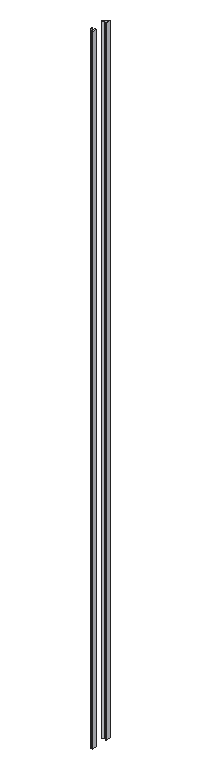
Revit family "Haworth_Enclose_Accessories_WallStartCompressible", category Furniture Systems, Revit 2018
Family settings
  Round Connector Dimension = Use Diameter
  Part Type = Normal
  OmniClass Number = 23.25.40.14
  OmniClass Title = Demountable Partitions
  Work Plane-Based = No
  Always vertical = Yes
  Cut with Voids When Loaded = No
  Shared = No
  Room Calculation Point = No
Parameters (values of type "Adjustable")
  Warranty = "http://www.haworth.com/resources/product-info/warranties"
  URL - Product = "http://www.haworth.com/products/architectural-interiors/moveable-walls/enclose"
  Type Comments = ""
  Sustainability Info = "http://www.haworth.com/company-info/sustainablility"
  Model = "Haworth - Enclose Accessories"  # constant formula
  Min/ Max Height = "24-144 in."  # constant formula
  Min. Height = 24"  # constant formula
  Max. Height = 144"  # constant formula
  Description = "Wall Start Compressible"  # constant formula
  Material Options = "http://surfaces.haworth.com/haworth-surface-collection"
  Width = 0.4198"  # constant formula
  URL = "www.haworth.com"
  Revision Number = "2"  # constant formula
  Manufacturer = "Haworth"  # constant formula
  Height = 108"
  Depth = 3.61"  # constant formula
  Author = "Haworth (Hampton)"  # constant formula
  Assembly Code = "C1010200"
  Actual Height = if(Height < Min. Height, Min. Height, if(Height > Max. Height, Max. Height, Height))  # 108"
Reference planes (in)
  plane 1 "Center F/B": y = 0.61031
  plane 2: z = 0
  plane 3 "Center L/R": x = 1.1802
  plane 4: y = 2.41531
  plane 5: y = -1.19469
  plane 6: x = 1.6
  plane 7 "Top": z = 108
Forms (in)
  Extrusion 1, solid
    sketch origin (0, 0, 0) x (1, 0, 0) y (0, 1, 0)
      loop
        line (1.04971, 1.95468) -> (0.88003, 1.69341) -> (0.91299, 1.69341) -> (1.08117, 1.95238)
        arc (1.08117, 1.95238) -> (1.19192, 2.2385) -> (1.46315, 2.3819) r 0.43831
        line (1.46315, 2.3819) -> (1.46315, 1.77487) -> (1.6, 1.77487) -> (1.6, 2.41719) -> (1.52078, 2.41719)
        arc (1.52078, 2.41719) -> (1.1907, 2.28224) -> (1.04971, 1.95468) r 0.47116
      loop
        arc (1.04971, -0.73407) -> (1.1907, -1.06162) -> (1.52078, -1.19658) r 0.47116
        line (1.52078, -1.19658) -> (1.6, -1.19658) -> (1.6, -0.55426) -> (1.46315, -0.55426) -> (1.46315, -1.16129)
        arc (1.46315, -1.16129) -> (1.19192, -1.01788) -> (1.08117, -0.73177) r 0.43831
        line (1.08117, -0.73177) -> (0.91299, -0.47279) -> (0.88003, -0.47279) -> (1.04971, -0.73407)
    from 0 to 108
Lines and regions (in)
  symbolic lines, style "Haworth"
    curve 1: line (1.46315, 2.3819, 0) -> (1.46315, 1.77487, 0)
    curve 2: line (1.46315, 1.77487, 0) -> (1.6, 1.77487, 0)
    curve 3: line (1.6, 1.77487, 0) -> (1.6, 2.41719, 0)
    curve 4: line (1.6, 2.41719, 0) -> (1.52078, 2.41719, 0)
    curve 5: arc (1.52078, 2.41719, 0) -> (1.1907, 2.28224, 0) -> (1.04971, 1.95468, 0) r 0.47116
    curve 6: line (1.04971, 1.95468, 0) -> (0.88003, 1.69341, 0)
    curve 7: line (1.46315, -1.16129, 0) -> (1.46315, -0.55426, 0)
    curve 8: line (1.46315, -0.55426, 0) -> (1.6, -0.55426, 0)
    curve 9: line (1.6, -0.55426, 0) -> (1.6, -1.19658, 0)
    curve 10: line (1.6, -1.19658, 0) -> (1.52078, -1.19658, 0)
    curve 11: arc (1.52078, -1.19658, 0) -> (1.1907, -1.06162, 0) -> (1.04971, -0.73407, 0) r 0.47116
    curve 12: line (1.04971, -0.73407, 0) -> (0.88003, -0.47279, 0)
Dimensions and locks (in)
  "Width": plane 3 "Center L/R" to plane 6
  "Depth": plane 4 to plane 5
  equal spacing: plane 4, plane 1 "Center F/B", plane 5
  "Height": plane 7 "Top" to plane 2
  "Actual Height": plane 7 "Top" to level
  aligned and locked: plane 7 "Top" to Extrusion 1
Automatic sketch dimensions
  Extrusion 1 sketch curve to plane 6 = 0"  (x2)
  Extrusion 1 sketch curve to plane 6 = 0.07922"  (x2)
  Extrusion 1 sketch curve to plane 5 = 0.00189"
  Extrusion 1 sketch curve to Extrusion 1 sketch curve = 0.00134"  (x2)
  Extrusion 1 sketch curve to plane 6 = 0.13686"
  Extrusion 1 sketch curve to plane 4 = 0.0334"
  Extrusion 1 sketch curve to Extrusion 1 sketch curve = 0.05764"
  Extrusion 1 sketch curve to plane 3 "Center L/R" = 0.09903"  (x2)
  Extrusion 1 sketch curve to Extrusion 1 sketch curve = 0.03147"  (x2)
  Extrusion 1 sketch curve to plane 3 "Center L/R" = 0.26721"  (x2)
  Extrusion 1 sketch curve to Extrusion 1 sketch curve = 0.03296"  (x2)
  plane 5 to Extrusion 1 sketch curve = 0.0334"
  plane 5 to Extrusion 1 sketch curve = 0.46063"
  Extrusion 1 sketch curve to Extrusion 1 sketch curve = 0.0023"  (x2)
  Extrusion 1 sketch curve to Extrusion 1 sketch curve = 0.17116"  (x2)
  Extrusion 1 sketch curve to Extrusion 1 sketch curve = 0.26127"
  Extrusion 1 sketch curve to plane 4 = 0.7219"
  Extrusion 1 sketch curve to Extrusion 1 sketch curve = 0.60703"
  Extrusion 1 sketch curve to Extrusion 1 sketch curve = 0.00119"
  curve 10 to plane 6 = 0"
  curve 3 to plane 6 = 0"
  plane 4 to curve 5 = 0.00189"
  curve 5 to curve 3 = 0.07922"
  curve 10 to plane 5 = 0.00189"
  curve 10 to plane 6 = 0.07922"
  curve 1 to plane 4 = 0.0334"
  curve 1 to curve 4 = 0.05764"
  curve 7 to plane 6 = 0.13686"
  curve 5 to plane 3 "Center L/R" = 0.1305"
  curve 11 to plane 3 "Center L/R" = 0.1305"
  curve 12 to plane 3 "Center L/R" = 0.30017"
  curve 6 to plane 3 "Center L/R" = 0.30017"
  plane 5 to curve 7 = 0.0334"
  plane 5 to curve 11 = 0.46063"
  curve 11 to curve 8 = 0.17116"
  curve 12 to curve 12 = 0.26127"
  curve 6 to plane 4 = 0.7219"
  curve 2 to curve 1 = 0.60703"
  curve 1 to curve 5 = 0.17116"
